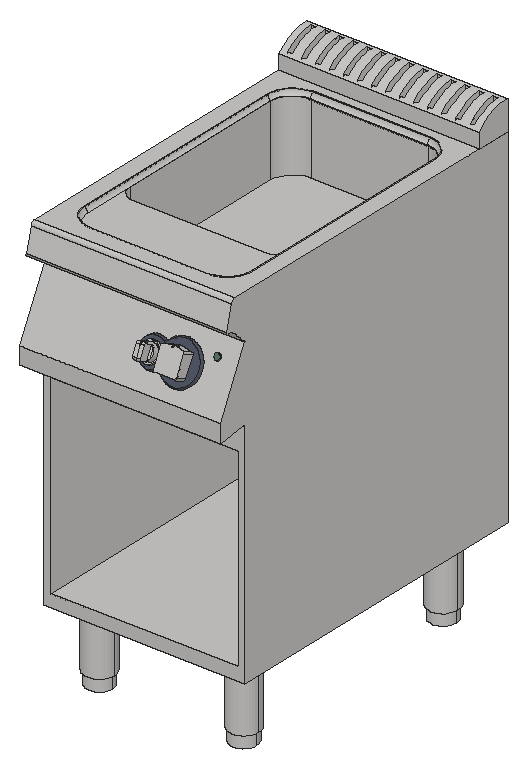
Revit family "QF_ZANUSSI_372105_Z7MFGDDD00", category Specialty Equipment, Revit 2018
Family settings
  Round Connector Dimension = Use Diameter
  Part Type = Normal
  Work Plane-Based = No
  Always vertical = Yes
  Cut with Voids When Loaded = No
  Shared = No
  Room Calculation Point = No
Parameters
  Width = 400 mm  # constant formula
  Weight in Pounds = 99  # constant formula
  Weight = 0.00 kg
  Watts = 0 W
  Waste Water Discharge Temperature [instance] = -459.67 °F
  Volts = 0 V
  URL Manufacturer = "http://www.zanussiprofessional.com"
  URL Cutsheet = "www.electrolux.com/foodservice"
  URL = "http://www.zanussiprofessional.com"
  Type Mark [instance] = ""
  Steam Supply Size = 0"
  Steam Supply Minimum Pressure = 0.00 psi
  Steam Supply Maximum Pressure = 0.00 psi
  Steam Pounds per Hour = 0
  Status [instance] = ""
  Specification by User [instance] = ""
  Specification by Manufacturer = ""
  Show Logo [instance] = yes
  Show Clearance [instance] = yes
  Serial Number = ""
  Seismic Rating = ""
  SMACNA No = ""
  Revision Code [instance] = ""
  Refrigeration Suction Line Size = 0"
  Refrigeration Liquid Line Size = 0"
  Refrigerant Compressor Remote = yes
  Plumbing Remarks [instance] = ""
  Plumbing Connection Type [instance] = ""
  Phase = 0
  Omniclass Number and Title = ""
  NAFEM Spec ID Number = ""
  Model = "Z7MFGDDD00"
  Mechanical Remarks [instance] = ""
  Mechanical Connection Type [instance] = ""
  Masterspec = ""
  Manufacturer = "Zanussi"
  Length Actual = 400 mm  # constant formula
  Item Number [instance] = "372105"
  Installed By [instance] = ""
  Indirect Waste Size = 0"
  Indirect Waste Flow [instance] = 0 GPM
  Indirect Waste Connection Type [instance] = ""
  Indirect Waste Connection Height = 0 mm
  Identify Quantity as Lot [instance] = yes
  Hot Water Size = 0"
  Height Actual = 850 mm  # constant formula
  Height = 333 mm  # constant formula
  HP = "0 HP"
  Gas Size = 1/2"  # constant formula
  Gas RI Height [instance] = 0 mm
  Gas KW [instance] = 7  # constant formula
  Gas Input [instance] = 23863.0 Btu/h  # constant formula
  Gas Connection Height = 0 mm
  Furnished By [instance] = ""
  Foodservice Equipment Identifier [instance] = yes
  Direct Waste Size = 0"
  Description = "11LT GAS MULTIFUNC.COOKER-COMPOUND 400MM"
  Depth Actual = 700 mm  # constant formula
  Depth = 715 mm  # constant formula
  Cycle = 0 Hz
  Condensate Return Size = 0"
  Compressed Air Volume = 0 GPM
  Compressed Air Size = 0"
  Compressed Air Pressure = 0.00 psi
  Cold Water Size = 0"
  CSI MasterFormat = ""
  CSI Master Format = ""
  Base Height [instance] = 150 mm  # constant formula
  Accessory = yes
Reference planes
  plane 1 "BACK": y = 0
  plane 2: z = 0
  plane 3 "LEFT": x = 0
  plane 4 "RIGHT": x = 400
  plane 5 "FRONT": y = -715
  plane 6 "TOP": z = 908
  plane 7 "Center Y": x = 200
  plane 8 "Center X": y = -357.5
  plane 9 "BASE": z = 600
  plane 10 "TOP A": z = 850
  plane 11: y = -587.387
  plane 12: y = -90
  plane 13: z = 150
  plane 14 "panel": through (-6096, -715, 640.508) normal (0, 0.8956, -0.4448)
Forms (mm)
  Extrusion 1, solid, material "QF_Finishes_Stainless Steel"
    sketch origin (0, 0, 0) x (0, 1, 0) y (0, 0, 1)
      loop
        line (0, 850) -> (-679.358, 850)
        arc (-679.358, 850) -> (-684.643, 847.811) -> (-686.833, 842.526) r 7.474
        line (-686.833, 842.526) -> (-699.884, 797.011)
        arc (-699.884, 797.011) -> (-699.396, 794.379) -> (-697, 793.184) r 3
        line (-697, 793.184) -> (-686.802, 793.184) -> (-654.982, 761.364) -> (-715, 640.508) -> (-715, 605.508) -> (-658.645, 613.428)
        arc (-658.645, 613.428) -> (-656.101, 612.674) -> (-655, 610.259) r 3.2
        line (-655, 610.259) -> (-655, 150) -> (0, 150) -> (0, 850)
    from 0 to 400
  Extrusion 2, void
    sketch origin (0, 0, 850) x (-1, 0, 0) y (0, -1, 0)
      loop
        arc (-83.338, 90.124) -> (-47.982, 104.769) -> (-33.338, 140.124) r 50
        line (-33.338, 140.124) -> (-33.338, 595.265)
        arc (-33.338, 595.265) -> (-47.982, 630.62) -> (-83.338, 645.265) r 50
        line (-83.338, 645.265) -> (-316.662, 645.265)
        arc (-316.662, 645.265) -> (-352.018, 630.62) -> (-366.662, 595.265) r 50
        line (-366.662, 595.265) -> (-366.662, 140.124)
        arc (-366.662, 140.124) -> (-352.018, 104.769) -> (-316.662, 90.124) r 50
        line (-316.662, 90.124) -> (-83.338, 90.124)
    from 0 to -152.4
  Extrusion 3, solid, material "QF_Finishes_Clearance", visible <- "Show Clearance", detail levels coarse
    sketch origin (0, 0, 0) x (1, 0, 0) y (0, 1, 0)
      loop
        line (0, -715) -> (0, 0) -> (400, 0) -> (400, -715) -> (550.019, -715) -> (550.019, 150.019) -> (-150.019, 150.019) -> (-150.019, -715) -> (0, -715)
    from 0 to 908
  Revolve 4, solid, material "QF_Finishes_Stainless Steel"
    sketch origin (0, -587.387, 608.09) x (0, 0, 1) y (-1, 0, 0)
      loop
        line (-608.09, -56) -> (-458.09, -56) -> (-458.09, -26) -> (-583.09, -26) -> (-583.09, -29.75) -> (-608.09, -29.75) -> (-608.09, -56)
      axis (-608.09, -56) -> (-458.09, -56)
    angle from 0 to 360
  Revolve 5, solid, material "QF_Finishes_Stainless Steel"
    sketch origin (400.05, -587.387, 608.09) x (0, 0, 1) y (-1, 0, 0)
      loop
        line (-608.09, 56.05) -> (-608.09, 29.8) -> (-583.09, 29.8) -> (-583.09, 26.05) -> (-458.09, 26.05) -> (-458.09, 56.05) -> (-608.09, 56.05)
      axis (-608.09, 56.05) -> (-458.09, 56.05)
    angle from 0 to 360
  Revolve 6, solid, material "QF_Finishes_Stainless Steel"
    sketch origin (0, -90, 608.09) x (0, 0, 1) y (-1, 0, 0)
      loop
        line (-608.09, -56) -> (-458.09, -56) -> (-458.09, -26) -> (-583.09, -26) -> (-583.09, -29.75) -> (-608.09, -29.75) -> (-608.09, -56)
      axis (-608.09, -56) -> (-458.09, -56)
    angle from 0 to 360
  Revolve 7, solid, material "QF_Finishes_Stainless Steel"
    sketch origin (400.05, -90, 608.09) x (0, 0, 1) y (-1, 0, 0)
      loop
        line (-608.09, 56.05) -> (-608.09, 29.8) -> (-583.09, 29.8) -> (-583.09, 26.05) -> (-458.09, 26.05) -> (-458.09, 56.05) -> (-608.09, 56.05)
      axis (-608.09, 56.05) -> (-458.09, 56.05)
    angle from 0 to 360
  Extrusion 8, solid, material "QF_Finishes_Stainless Steel"
    sketch origin (-77.88, -4572, 600) x (-1, 0, 0) y (0, -1, 0)
      loop
        circle (-211.88, -4016) r 12.7
    from 0 to -12.7
  Extrusion 9, solid, material "QF_Finishes_Stainless Steel"
    sketch origin (-77.88, -4572, 850) x (-1, 0, 0) y (0, -1, 0)
      loop
        line (-111.217, -4431.876) -> (-111.217, -3976.735)
        arc (-111.217, -3976.735) -> (-125.862, -3941.38) -> (-161.217, -3926.735) r 50
        line (-161.217, -3926.735) -> (-394.542, -3926.735)
        arc (-394.542, -3926.735) -> (-429.897, -3941.38) -> (-444.542, -3976.735) r 50
        line (-444.542, -3976.735) -> (-444.542, -4431.876)
        arc (-444.542, -4431.876) -> (-429.897, -4467.231) -> (-394.542, -4481.876) r 50
        line (-394.542, -4481.876) -> (-161.217, -4481.876)
        arc (-161.217, -4481.876) -> (-125.862, -4467.231) -> (-111.217, -4431.876) r 50
      loop
        arc (-439.487, -4431.876) -> (-426.323, -4463.657) -> (-394.542, -4476.821) r 44.945
        line (-394.542, -4476.821) -> (-161.217, -4476.821)
        arc (-161.217, -4476.821) -> (-129.436, -4463.657) -> (-116.272, -4431.876) r 44.945
        line (-116.272, -4431.876) -> (-116.272, -4081.735)
        arc (-116.272, -4081.735) -> (-125.059, -4060.522) -> (-146.272, -4051.735) r 30
        line (-146.272, -4051.735) -> (-409.487, -4051.735)
        arc (-409.487, -4051.735) -> (-430.7, -4060.522) -> (-439.487, -4081.735) r 30
        line (-439.487, -4081.735) -> (-439.487, -4431.876)
    from -12.7 to -152.4
  Sweep 10, solid, material "QF_Finishes_Stainless Steel"
    path origin (0, 0, 850) x (-1, 0, 0) y (0, -1, 0)
      loop
        line (-33.338, 140.124) -> (-33.338, 595.265)
        arc (-33.338, 595.265) -> (-47.982, 630.62) -> (-83.338, 645.265) r 50
        line (-83.338, 645.265) -> (-316.662, 645.265)
        arc (-316.662, 645.265) -> (-352.018, 630.62) -> (-366.662, 595.265) r 50
        line (-366.662, 595.265) -> (-366.662, 140.124)
        arc (-366.662, 140.124) -> (-352.018, 104.769) -> (-316.662, 90.124) r 50
        line (-316.662, 90.124) -> (-83.338, 90.124)
        arc (-83.338, 90.124) -> (-47.982, 104.769) -> (-33.338, 140.124) r 50
    profile origin (33.338, -367.694, 850) x (1, 0, 0) y (0, 0, 1)
      loop
        line (0, 0) -> (0, -10.84) -> (5.055, -10.84)
        arc (5.055, -10.84) -> (1.326, -5.98) -> (0, 0) r 14.151
  Extrusion 11, solid, material "QF_Finishes_Stainless Steel"
    sketch origin (0, 0, 0.762) x (0, 1, 0) y (0, 0, 1)
      loop
        line (0, 849.238) -> (0, 907.238)
        arc (0, 907.238) -> (-38.078, 899.879) -> (-69.85, 877.638) r 93.057
        line (-69.85, 877.638) -> (-69.85, 849.238) -> (0, 849.238)
    from 0 to 400.05
  Extrusion 12, void
    sketch origin (0, 0, 851) x (-1, 0, 0) y (0, -1, 0)
      loop
        line (-13.453, 6.761) -> (-13.453, 63.911) -> (-22.749, 63.911) -> (-22.749, 6.761) -> (-13.453, 6.761)
    from 25.4 to 63.5
  Extrusion 13, void
    sketch origin (400.05, 0, 851) x (1, 0, 0) y (0, 1, 0)
      loop
        line (-13.503, -6.761) -> (-22.799, -6.761) -> (-22.799, -63.911) -> (-13.503, -63.911) -> (-13.503, -6.761)
    from 25.4 to 63.5
  Extrusion 14, void
    sketch origin (27.988, 0, 851) x (-1, 0, 0) y (0, -1, 0)
      loop
        line (-13.453, 6.761) -> (-13.453, 63.911) -> (-22.749, 63.911) -> (-22.749, 6.761) -> (-13.453, 6.761)
    from 25.4 to 63.5
  Extrusion 15, void
    sketch origin (55.977, 0, 851) x (-1, 0, 0) y (0, -1, 0)
      loop
        line (-13.453, 6.761) -> (-13.453, 63.911) -> (-22.749, 63.911) -> (-22.749, 6.761) -> (-13.453, 6.761)
    from 25.4 to 63.5
  Extrusion 16, void
    sketch origin (83.965, 0, 851) x (-1, 0, 0) y (0, -1, 0)
      loop
        line (-13.428, 6.761) -> (-13.428, 63.911) -> (-22.724, 63.911) -> (-22.724, 6.761) -> (-13.428, 6.761)
    from 25.4 to 63.5
  Extrusion 17, void
    sketch origin (111.953, 0, 851) x (-1, 0, 0) y (0, -1, 0)
      loop
        line (-13.428, 6.761) -> (-13.428, 63.911) -> (-22.724, 63.911) -> (-22.724, 6.761) -> (-13.428, 6.761)
    from 25.4 to 63.5
  Extrusion 18, void
    sketch origin (139.942, 0, 851) x (-1, 0, 0) y (0, -1, 0)
      loop
        line (-13.428, 6.761) -> (-13.428, 63.911) -> (-22.724, 63.911) -> (-22.724, 6.761) -> (-13.428, 6.761)
    from 25.4 to 63.5
  Extrusion 19, void
    sketch origin (167.93, 0, 851) x (-1, 0, 0) y (0, -1, 0)
      loop
        line (-13.428, 6.761) -> (-13.428, 63.911) -> (-22.724, 63.911) -> (-22.724, 6.761) -> (-13.428, 6.761)
    from 25.4 to 63.5
  Extrusion 20, void
    sketch origin (195.918, 0, 851) x (-1, 0, 0) y (0, -1, 0)
      loop
        line (-13.428, 6.761) -> (-13.428, 63.911) -> (-22.724, 63.911) -> (-22.724, 6.761) -> (-13.428, 6.761)
    from 25.4 to 63.5
  Extrusion 21, void
    sketch origin (223.907, 0, 851) x (-1, 0, 0) y (0, -1, 0)
      loop
        line (-13.428, 6.761) -> (-13.428, 63.911) -> (-22.724, 63.911) -> (-22.724, 6.761) -> (-13.428, 6.761)
    from 25.4 to 63.5
  Extrusion 22, void
    sketch origin (251.895, 0, 851) x (-1, 0, 0) y (0, -1, 0)
      loop
        line (-13.428, 6.761) -> (-13.428, 63.911) -> (-22.724, 63.911) -> (-22.724, 6.761) -> (-13.428, 6.761)
    from 25.4 to 63.5
  Extrusion 23, void
    sketch origin (279.884, 0, 851) x (-1, 0, 0) y (0, -1, 0)
      loop
        line (-13.403, 6.761) -> (-13.403, 63.911) -> (-22.699, 63.911) -> (-22.699, 6.761) -> (-13.403, 6.761)
    from 25.4 to 63.5
  Extrusion 24, void
    sketch origin (307.872, 0, 851) x (-1, 0, 0) y (0, -1, 0)
      loop
        line (-13.403, 6.761) -> (-13.403, 63.911) -> (-22.699, 63.911) -> (-22.699, 6.761) -> (-13.403, 6.761)
    from 25.4 to 63.5
  Extrusion 25, void
    sketch origin (335.86, 0, 851) x (-1, 0, 0) y (0, -1, 0)
      loop
        line (-13.403, 6.761) -> (-13.403, 63.911) -> (-22.699, 63.911) -> (-22.699, 6.761) -> (-13.403, 6.761)
    from 25.4 to 63.5
  Extrusion 26, void
    sketch origin (0, -645.15, 150) x (0, 0, -1) y (-1, 0, 0)
      loop
        line (-25.4, -387.3) -> (-25.4, -12.7) -> (-411.9, -12.7) -> (-411.9, -387.3) -> (-25.4, -387.3)
    from -9.85 to 570.276
  Extrusion 27, solid, material "QF_Finishes_Stainless Steel"
    sketch origin (-77.88, -4572, 150) x (-1, 0, 0) y (0, -1, 0)
      loop
        circle (-426.88, -4067) r 6.35
    from 0 to -12.7
  Sweep 28, solid, material "QF_Finishes_Stainless Steel"
    path origin (0, -645.15, 150) x (0, 0, 1) y (-1, 0, 0)
      loop
        line (25.4, -349) -> (60, -349) -> (156.126, -376.564) -> (411.9, -376.564)
    profile origin (349, -645.15, 192.7) x (-1, 0, 0) y (0, -1, 0)
      loop
        circle (0, -155.4) r 8
  Blend 29, solid, material "QF_Finishes_Navy Blue"
    base sketch origin (296.514, -684.991, 700.936) x (1, 0, 0) y (0, 0.444781, 0.895639)
      loop
        arc (-35.05, -24.037) -> (42.5, 0) -> (-35.05, 24.037) r 42.5
        arc (-35.05, 24.037) -> (-83, 0) -> (-35.05, -24.037) r 30
    top sketch origin (296.514, -684.991, 700.936) x (1, 0, 0) y (0, 0.444781, 0.895639)
      loop
        arc (-34.578, -21.086) -> (40.5, 0) -> (-34.578, 21.086) r 40.5
        arc (-34.578, 21.086) -> (-81, 0) -> (-34.578, -21.086) r 28
    from 0 to 5
  Extrusion 30, solid, material "QF_Finishes_Stainless Steel"
    sketch origin (296.514, -684.991, 700.936) x (1, 0, 0) y (0, 0.444781, 0.895639)
      loop
        circle (-55.001, -0.341) r 20
    from 5 to 10
  Revolve 31, solid, material "QF_Finishes_Stainless Steel"
    sketch origin (241.513, -684.991, 700.936) x (0, -0.444781, -0.895639) y (0, -0.895639, 0.444781)
      loop
        line (0.341, 10) -> (16.341, 10) -> (16.341, 37)
        arc (16.341, 37) -> (15.462, 39.121) -> (13.341, 40) r 3
        line (13.341, 40) -> (0.341, 40) -> (0.341, 10)
      axis (0.341, 10) -> (0.341, 40)
    angle from 0 to 360
  Extrusion 32, void
    sketch origin (296.514, -684.991, 700.936) x (1, 0, 0) y (0, -0.895639, 0.444781)
      loop
        line (-62.999, 24.837) -> (-62.999, 40) -> (-71.893, 40) -> (-71.893, 22) -> (-65.835, 22)
        arc (-65.835, 22) -> (-63.827, 22.828) -> (-62.999, 24.837) r 2.827
      loop
        arc (-47.003, 24.837) -> (-46.175, 22.828) -> (-44.167, 22) r 2.827
        line (-44.167, 22) -> (-38.109, 22) -> (-38.109, 40) -> (-47.003, 40) -> (-47.003, 24.837)
    from -20.019 to 20.019
  Extrusion 33, solid, material "QF_Finishes_Stainless Steel"
    sketch origin (296.514, -684.991, 700.936) x (1, 0, 0) y (0, 0.444781, 0.895639)
      loop
        arc (-21.147, 22.789) -> (-22.494, 21.685) -> (-23, 20.019) r 2.997
        line (-23, 20.019) -> (-23, -20.019)
        arc (-23, -20.019) -> (-22.122, -22.138) -> (-20.003, -23.016) r 2.997
        line (-20.003, -23.016) -> (20.003, -23.016)
        arc (20.003, -23.016) -> (22.122, -22.138) -> (23, -20.019) r 2.997
        line (23, -20.019) -> (23, 20.019)
        arc (23, 20.019) -> (22.494, 21.685) -> (21.147, 22.789) r 2.997
        arc (21.147, 22.789) -> (0, 26.984) -> (-21.147, 22.789) r 55.4
    from 10 to 34
  Extrusion 34, solid, material "QF_Plastic-Black-Matte"
    sketch origin (296.514, -684.991, 700.936) x (0, 0.444781, 0.895639) y (0, -0.895639, 0.444781)
      loop
        line (26.984, 34) -> (26.984, 19) -> (27.984, 19) -> (27.984, 34)
        arc (27.984, 34) -> (27.691, 34.707) -> (26.984, 35) r 1
        line (26.984, 35) -> (23.984, 35) -> (23.984, 34) -> (26.984, 34)
    from -1 to 1
  Extrusion 35, solid, material "QF_Plastic-Black-Matte"
    sketch origin (241.513, -684.991, 700.936) x (0, -0.444781, -0.895639) y (0, -0.895639, 0.444781)
      loop
        line (-10.258, 39.984) -> (-10.258, 40.984) -> (-12.874, 40.984)
        arc (-12.874, 40.984) -> (-15.536, 39.882) -> (-16.638, 37.22) r 3.764
        line (-16.638, 37.22) -> (-16.638, 25.027) -> (-15.638, 25.027) -> (-15.638, 37.22)
        arc (-15.638, 37.22) -> (-14.829, 39.175) -> (-12.874, 39.984) r 2.764
        line (-12.874, 39.984) -> (-10.258, 39.984)
    from 1 to -1
  Extrusion 36, solid, material "QF_Finishes_Stainless Steel"
    sketch origin (27.122, -802.308, 464.699) x (0, 0.444781, 0.895639) y (-1, 0, 0)
      loop
        line (246.264, -286.892) -> (281.264, -286.892) -> (281.264, -251.892) -> (246.264, -251.892) -> (246.264, -286.892)
    from 5 to 10
  Extrusion 37, solid, material "QF_Finishes_DarkGreen"
    sketch origin (415, -671.648, 727.805) x (1, 0, 0) y (0, 0.444781, 0.895639)
      loop
        circle (-55.001, 0) r 6
    from 0 to 1.6
Cuts and joins
  Extrusion 2, Extrusion 26 cuts Extrusion 1
  Extrusion 12, Extrusion 13, Extrusion 14, Extrusion 15, Extrusion 16, Extrusion 17, Extrusion 18, Extrusion 19, Extrusion 20, Extrusion 21, Extrusion 22, Extrusion 23, Extrusion 24, Extrusion 25, Extrusion 26 cuts Extrusion 3
  Extrusion 12, Extrusion 13, Extrusion 14, Extrusion 15, Extrusion 16, Extrusion 17, Extrusion 18, Extrusion 19, Extrusion 20, Extrusion 21, Extrusion 22, Extrusion 23, Extrusion 24, Extrusion 25 cuts Extrusion 11
  Extrusion 32 cuts Revolve 31
Lines and regions (mm)
  Split face 1
    outline origin (296.514, -689.469, 703.16) x (1, 0, 0) y (0, 0.444781, 0.895639)
      loop
        circle (0, 33) r 1
  Split face 2
    outline origin (296.514, -689.469, 703.16) x (1, 0, 0) y (0, 0.444781, 0.895639)
      loop
        circle (-8.541, 31.876) r 1
  Split face 3
    outline origin (296.514, -689.469, 703.16) x (1, 0, 0) y (0, 0.444781, 0.895639)
      loop
        circle (-16.5, 28.579) r 1
  Split face 4
    outline origin (296.514, -689.469, 703.16) x (1, 0, 0) y (0, 0.444781, 0.895639)
      loop
        circle (-23.335, 23.335) r 1
  Split face 5
    outline origin (296.514, -689.469, 703.16) x (1, 0, 0) y (0, 0.444781, 0.895639)
      loop
        circle (-28.579, 16.5) r 1
  Split face 6
    outline origin (296.514, -689.469, 703.16) x (1, 0, 0) y (0, 0.444781, 0.895639)
      loop
        circle (-31.876, 8.541) r 1
  Split face 7
    outline origin (296.514, -689.469, 703.16) x (1, 0, 0) y (0, 0.444781, 0.895639)
      loop
        circle (-33, 0) r 1
  Split face 8
    outline origin (296.514, -689.469, 703.16) x (-1, 0, 0) y (0, 0.444781, 0.895639)
      loop
        circle (31.876, -8.541) r 1
  Split face 9
    outline origin (296.514, -689.469, 703.16) x (-1, 0, 0) y (0, 0.444781, 0.895639)
      loop
        circle (28.579, -16.5) r 1
  Split face 10
    outline origin (296.514, -689.469, 703.16) x (-1, 0, 0) y (0, 0.444781, 0.895639)
      loop
        circle (23.335, -23.335) r 1
  Split face 11
    outline origin (296.514, -689.469, 703.16) x (-1, 0, 0) y (0, 0.444781, 0.895639)
      loop
        circle (16.5, -28.579) r 1
  Split face 12
    outline origin (296.514, -689.469, 703.16) x (-1, 0, 0) y (0, 0.444781, 0.895639)
      loop
        circle (8.541, -31.876) r 1
  Split face 13
    outline origin (296.514, -689.469, 703.16) x (1, 0, 0) y (0, -0.444781, -0.895639)
      loop
        circle (33, 0) r 1
  Split face 14
    outline origin (296.514, -689.469, 703.16) x (1, 0, 0) y (0, -0.444781, -0.895639)
      loop
        circle (31.876, -8.541) r 1
  Split face 15
    outline origin (296.514, -689.469, 703.16) x (1, 0, 0) y (0, -0.444781, -0.895639)
      loop
        circle (28.579, -16.5) r 1
  Split face 16
    outline origin (296.514, -689.469, 703.16) x (1, 0, 0) y (0, -0.444781, -0.895639)
      loop
        circle (23.335, -23.335) r 1
  Split face 17
    outline origin (296.514, -689.469, 703.16) x (1, 0, 0) y (0, -0.444781, -0.895639)
      loop
        circle (16.5, -28.579) r 1
  Split face 18
    outline origin (296.514, -689.469, 703.16) x (1, 0, 0) y (0, -0.444781, -0.895639)
      loop
        circle (8.541, -31.876) r 1
  Split face 19
    outline origin (296.514, -689.469, 703.16) x (-1, 0, 0) y (0, -0.444781, -0.895639)
      loop
        circle (-8.541, 31.876) r 1
  Split face 20
    outline origin (296.514, -689.469, 703.16) x (-1, 0, 0) y (0, -0.444781, -0.895639)
      loop
        circle (-16.5, 28.579) r 1
  Split face 21
    outline origin (296.514, -689.469, 703.16) x (-1, 0, 0) y (0, -0.444781, -0.895639)
      loop
        circle (-23.335, 23.335) r 1
  Split face 22
    outline origin (296.514, -689.469, 703.16) x (-1, 0, 0) y (0, -0.444781, -0.895639)
      loop
        circle (-28.579, 16.5) r 1
  Split face 23
    outline origin (296.514, -689.469, 703.16) x (-1, 0, 0) y (0, -0.444781, -0.895639)
      loop
        circle (-31.876, 8.541) r 1
  Split face 24
    outline origin (296.514, -689.469, 703.16) x (1, 0, 0) y (0, 0.444781, 0.895639)
      loop
        circle (-55.001, 22) r 1.508
  Split face 25
    outline origin (296.514, -689.469, 703.16) x (1, 0, 0) y (0, 0.444781, 0.895639)
      loop
        circle (-77.001, 0) r 1.343
  Split face 26
    outline origin (296.514, -689.469, 703.16) x (1, 0, 0) y (0, 0.444781, 0.895639)
      loop
        line (-56.273, -20.786) -> (-56.273, -25.164) -> (-53.729, -25.164) -> (-53.729, -20.786) -> (-56.273, -20.786)
  Split face 27
    outline origin (296.514, -689.469, 703.16) x (1, 0, 0) y (0, 0.444781, 0.895639)
      loop
        circle (0, -33) r 1
  Split face 28
    outline origin (296.514, -689.469, 703.16) x (1, 0, 0) y (0, 0.444781, 0.895639)
      loop
        line (-65.223, 20.078) -> (-74.695, 13.445) -> (-72.918, 11.668) -> (-65.223, 20.078)
  symbolic lines, style "QF-Clearances", visible <- "Show Clearance", detail levels coarse
    curve 1: line (-150.019, 150.019, 850) -> (-150.019, -716.377, 850)
    curve 2: line (550.019, 150.019, 850) -> (-150.019, 150.019, 850)
    curve 3: line (550.019, -716.377, 850) -> (550.019, 150.019, 850)
  symbolic lines
    curve 4: line (0, 0, 850) -> (400, 0, 850)
    curve 5: line (0, -715, 850) -> (0, 0, 850)
    curve 6: line (400, 0, 850) -> (400, -715, 850)
    curve 7: line (0, -69.85, 850) -> (0, -63.012, 850)
    curve 8: arc (361.608, -490.265, 850) -> (352.821, -511.478, 850) -> (331.608, -520.265, 850) r 30
    curve 9: arc (68.392, -520.265, 850) -> (47.179, -511.478, 850) -> (38.392, -490.265, 850) r 30
    curve 10: arc (83.313, -95.179, 850) -> (51.549, -108.336, 850) -> (38.392, -140.099, 850) r 44.92
    curve 11: line (38.392, -140.099, 850) -> (38.392, -595.265, 850)
    curve 12: arc (38.392, -595.265, 850) -> (51.556, -627.046, 850) -> (83.338, -640.21, 850) r 44.945
    curve 13: arc (316.663, -640.21, 850) -> (348.444, -627.046, 850) -> (361.608, -595.265, 850) r 44.945
    curve 14: line (361.608, -595.265, 850) -> (361.608, -140.124, 850)
    curve 15: arc (361.608, -140.124, 850) -> (348.444, -108.343, 850) -> (316.663, -95.179, 850) r 44.945
    curve 16: arc (83.313, -90.124, 850) -> (47.975, -104.761, 850) -> (33.338, -140.099, 850) r 49.975
    curve 17: line (33.338, -140.099, 850) -> (33.338, -595.265, 850)
    curve 18: arc (33.338, -595.265, 850) -> (47.982, -630.62, 850) -> (83.338, -645.265, 850) r 50
    curve 19: arc (316.663, -645.265, 850) -> (352.018, -630.62, 850) -> (366.663, -595.265, 850) r 50
    curve 20: line (366.663, -595.265, 850) -> (366.663, -140.124, 850)
    curve 21: arc (366.663, -140.124, 850) -> (352.018, -104.769, 850) -> (316.663, -90.124, 850) r 50
    curve 22: line (316.663, -90.124, 850) -> (79.418, -90.124, 850)
    curve 23: line (83.338, -645.265, 850) -> (316.663, -645.265, 850)
    curve 24: line (83.338, -640.21, 850) -> (316.663, -640.21, 850)
    curve 25: line (331.608, -520.265, 850) -> (68.392, -520.265, 850)
    curve 26: line (316.663, -95.179, 850) -> (83.313, -95.179, 850)
    curve 27: line (0, -69.85, 850) -> (400, -69.85, 850)
    curve 28: line (22.724, -6.761, 850) -> (22.724, -63.911, 850)
    curve 29: line (22.724, -63.911, 850) -> (13.428, -63.911, 850)
    curve 30: line (13.428, -63.911, 850) -> (13.428, -6.761, 850)
    curve 31: line (13.428, -6.761, 850) -> (22.724, -6.761, 850)
    curve 32: line (386.547, -6.761, 850) -> (386.547, -63.911, 850)
    curve 33: line (386.547, -63.911, 850) -> (377.251, -63.911, 850)
    curve 34: line (377.251, -63.911, 850) -> (377.251, -6.761, 850)
    curve 35: line (377.251, -6.761, 850) -> (386.547, -6.761, 850)
    curve 36: line (50.712, -6.761, 850) -> (50.712, -63.911, 850)
    curve 37: line (50.712, -63.911, 850) -> (41.416, -63.911, 850)
    curve 38: line (41.416, -63.911, 850) -> (41.416, -6.761, 850)
    curve 39: line (41.416, -6.761, 850) -> (50.712, -6.761, 850)
    curve 40: line (78.7, -6.761, 850) -> (78.7, -63.911, 850)
    curve 41: line (78.7, -63.911, 850) -> (69.405, -63.911, 850)
    curve 42: line (69.405, -63.911, 850) -> (69.405, -6.761, 850)
    curve 43: line (69.405, -6.761, 850) -> (78.7, -6.761, 850)
    curve 44: line (106.689, -6.761, 850) -> (106.689, -63.911, 850)
    curve 45: line (106.689, -63.911, 850) -> (97.393, -63.911, 850)
    curve 46: line (97.393, -63.911, 850) -> (97.393, -6.761, 850)
    curve 47: line (97.393, -6.761, 850) -> (106.689, -6.761, 850)
    curve 48: line (134.677, -6.761, 850) -> (134.677, -63.911, 850)
    curve 49: line (134.677, -63.911, 850) -> (125.381, -63.911, 850)
    curve 50: line (125.381, -63.911, 850) -> (125.381, -6.761, 850)
    curve 51: line (125.381, -6.761, 850) -> (134.677, -6.761, 850)
    curve 52: line (162.665, -6.761, 850) -> (162.665, -63.911, 850)
    curve 53: line (162.665, -63.911, 850) -> (153.37, -63.911, 850)
    curve 54: line (153.37, -63.911, 850) -> (153.37, -6.761, 850)
    curve 55: line (153.37, -6.761, 850) -> (162.665, -6.761, 850)
    curve 56: line (190.654, -6.761, 850) -> (190.654, -63.911, 850)
    curve 57: line (190.654, -63.911, 850) -> (181.358, -63.911, 850)
    curve 58: line (181.358, -63.911, 850) -> (181.358, -6.761, 850)
    curve 59: line (181.358, -6.761, 850) -> (190.654, -6.761, 850)
    curve 60: line (218.642, -6.761, 850) -> (218.642, -63.911, 850)
    curve 61: line (218.642, -63.911, 850) -> (209.346, -63.911, 850)
    curve 62: line (209.346, -63.911, 850) -> (209.346, -6.761, 850)
    curve 63: line (209.346, -6.761, 850) -> (218.642, -6.761, 850)
    curve 64: line (246.605, -6.761, 850) -> (246.605, -63.911, 850)
    curve 65: line (246.605, -63.911, 850) -> (237.31, -63.911, 850)
    curve 66: line (237.31, -63.911, 850) -> (237.31, -6.761, 850)
    curve 67: line (237.31, -6.761, 850) -> (246.605, -6.761, 850)
    curve 68: line (274.594, -6.761, 850) -> (274.594, -63.911, 850)
    curve 69: line (274.594, -63.911, 850) -> (265.298, -63.911, 850)
    curve 70: line (265.298, -63.911, 850) -> (265.298, -6.761, 850)
    curve 71: line (265.298, -6.761, 850) -> (274.594, -6.761, 850)
    curve 72: line (302.582, -6.761, 850) -> (302.582, -63.911, 850)
    curve 73: line (302.582, -63.911, 850) -> (293.286, -63.911, 850)
    curve 74: line (293.286, -63.911, 850) -> (293.286, -6.761, 850)
    curve 75: line (293.286, -6.761, 850) -> (302.582, -6.761, 850)
    curve 76: line (330.57, -6.761, 850) -> (330.57, -63.911, 850)
    curve 77: line (330.57, -63.911, 850) -> (321.275, -63.911, 850)
    curve 78: line (321.275, -63.911, 850) -> (321.275, -6.761, 850)
    curve 79: line (321.275, -6.761, 850) -> (330.57, -6.761, 850)
    curve 80: line (358.559, -6.761, 850) -> (358.559, -63.911, 850)
    curve 81: line (358.559, -63.911, 850) -> (349.263, -63.911, 850)
    curve 82: line (349.263, -63.911, 850) -> (349.263, -6.761, 850)
    curve 83: line (349.263, -6.761, 850) -> (358.559, -6.761, 850)
    curve 84: line (273.514, -700, 0) -> (273.514, -724.347, 0)
    curve 85: arc (273.514, -724.347, 0) -> (273.661, -724.811, 0) -> (274.046, -725.107, 0) r 0.809
    curve 86: arc (274.046, -725.107, 0) -> (275.234, -725.587, 0) -> (276.512, -725.68, 0) r 4.127
    curve 87: arc (273.514, -704.292, 0) -> (268.473, -702.458, 0) -> (263.705, -700, 0) r 42.24
    curve 88: arc (273.514, -706.539, 0) -> (274.016, -705.818, 0) -> (274.814, -705.448, 0) r 1.682
    curve 89: arc (274.814, -705.448, 0) -> (285.116, -703.95, 0) -> (295.514, -703.441, 0) r 109.079
    curve 90: line (295.514, -700, 0) -> (295.514, -705.671, 0)
    curve 91: line (295.514, -705.671, 0) -> (297.514, -705.671, 0)
    curve 92: line (297.514, -705.671, 0) -> (297.514, -700, 0)
    curve 93: line (319.514, -700, 0) -> (319.514, -724.347, 0)
    curve 94: arc (319.514, -724.347, 0) -> (319.368, -724.811, 0) -> (318.982, -725.107, 0) r 0.809
    curve 95: arc (318.982, -725.107, 0) -> (317.795, -725.587, 0) -> (316.517, -725.68, 0) r 4.127
    curve 96: arc (319.514, -704.292, 0) -> (324.555, -702.458, 0) -> (329.324, -700, 0) r 42.24
    curve 97: arc (319.514, -706.539, 0) -> (319.012, -705.818, 0) -> (318.215, -705.448, 0) r 1.682
    curve 98: arc (318.215, -705.448, 0) -> (307.912, -703.95, 0) -> (297.514, -703.441, 0) r 109.079
    curve 99: line (276.512, -725.68, 0) -> (316.517, -725.68, 0)
    curve 100: line (233.516, -725.977, 908.9) -> (233.516, -701.224, 908.9)
    curve 101: line (249.511, -701.224, 908.9) -> (249.511, -725.977, 908.9)
    curve 102: spline (230.88, -710.164, 908.9) -> (229.391, -709.491, 908.9) -> (228.115, -708.737, 908.9) -> (227.075, -707.914, 908.9) -> (226.29, -707.037, 908.9) -> (225.772, -706.121, 908.9) -> (225.531, -705.183, 908.9) -> (225.572, -704.239, 908.9) -> (225.893, -703.306, 908.9) -> (226.488, -702.4, 908.9) -> (227.349, -701.537, 908.9) -> (228.458, -700.732, 908.9) -> (229.797, -700, 908.9)
    curve 103: spline (253.228, -700, 908.9) -> (254.572, -700.735, 908.9) -> (255.684, -701.543, 908.9) -> (256.546, -702.41, 908.9) -> (257.141, -703.319, 908.9) -> (257.46, -704.256, 908.9) -> (257.496, -705.204, 908.9) -> (257.249, -706.145, 908.9) -> (256.723, -707.063, 908.9) -> (255.928, -707.942, 908.9) -> (254.877, -708.766, 908.9) -> (253.59, -709.521, 908.9) -> (252.089, -710.193, 908.9)
    curve 104: spline (252.089, -710.193, 908.9) -> (251.808, -710.322, 908.9) -> (251.527, -710.487, 908.9) -> (251.249, -710.686, 908.9) -> (250.979, -710.917, 908.9) -> (250.72, -711.177, 908.9) -> (250.477, -711.461, 908.9) -> (250.252, -711.765, 908.9) -> (250.049, -712.085, 908.9) -> (249.872, -712.416, 908.9) -> (249.721, -712.754, 908.9) -> (249.6, -713.094, 908.9) -> (249.511, -713.43, 908.9)
    curve 105: spline (233.516, -713.341, 908.9) -> (233.443, -712.987, 908.9) -> (233.336, -712.634, 908.9) -> (233.195, -712.286, 908.9) -> (233.022, -711.949, 908.9) -> (232.82, -711.628, 908.9) -> (232.592, -711.327, 908.9) -> (232.341, -711.051, 908.9) -> (232.071, -710.803, 908.9) -> (231.785, -710.588, 908.9) -> (231.489, -710.408, 908.9) -> (231.185, -710.266, 908.9) -> (230.88, -710.164, 908.9)
    curve 106: line (225.513, -704.847, 908.9) -> (225.513, -700, 908.9)
    curve 107: line (257.516, -704.85, 908.9) -> (257.516, -700, 908.9)
    curve 108: arc (233.516, -725.977, 908.9) -> (241.513, -727.063, 908.9) -> (249.511, -725.977, 908.9) r 30
    curve 109: arc (233.516, -701.224, 0) -> (233.416, -700.567, 0) -> (233.07, -700, 0) r 1.677
    curve 110: arc (249.511, -701.224, 0) -> (249.61, -700.567, 0) -> (249.956, -700, 0) r 1.677
    curve 111: line (0, -699.992, 850) -> (400, -699.992, 850)
    curve 112: line (0, -714.992, 850) -> (233.516, -714.992, 850)
    curve 113: line (249.511, -714.992, 850) -> (273.514, -714.992, 850)
    curve 114: line (319.514, -714.992, 850) -> (400, -714.992, 850)
Dimensions and locks
  equal spacing: plane 3 "LEFT", plane 7 "Center Y", plane 4 "RIGHT"
  "Width": plane 3 "LEFT" to plane 4 "RIGHT"
  equal spacing: plane 5 "FRONT", plane 8 "Center X", plane 1 "BACK"
  "Depth": plane 5 "FRONT" to plane 1 "BACK"
  plane 1 "BACK" to plane 5 "FRONT" = 715 mm
  plane 10 "TOP A" to plane 9 "BASE" = 250 mm
  "Base Height": plane 13 to level
  locked: plane 10 "TOP A" to plane 13 at 700
  plane 3 "LEFT" to Extrusion 8 sketch curve = 134 mm
  Extrusion 8 sketch curve to plane 1 "BACK" = 556 mm
  Extrusion 27 sketch curve to plane 4 "RIGHT" = 51 mm
  Extrusion 27 sketch curve to plane 1 "BACK" = 505 mm
  aligned and locked: level to plane 2
  aligned and locked: plane 4 "RIGHT" to Extrusion 1
  aligned and locked: plane 6 "TOP" to Extrusion 3
Automatic sketch dimensions
  Extrusion 1 sketch curve to plane 5 "FRONT" = 0 mm
  Extrusion 1 sketch curve to plane 10 "TOP A" = 0 mm
  Extrusion 1 sketch curve to plane 13 = 0 mm
  plane 14 "panel" to Extrusion 1 sketch curve = 0 mm  (x2)
  Extrusion 1 sketch curve to plane 1 "BACK" = 0 mm
  Extrusion 1 sketch curve to plane 5 "FRONT" = 15.116 mm
  Extrusion 1 sketch curve to Extrusion 1 sketch curve = 2.884 mm
  Extrusion 1 sketch curve to plane 10 "TOP A" = 7.474 mm
  Extrusion 1 sketch curve to plane 5 "FRONT" = 28.167 mm
  Extrusion 1 sketch curve to Extrusion 1 sketch curve = 10.198 mm
  plane 9 "BASE" to Extrusion 1 sketch curve = 13.428 mm
  Extrusion 1 sketch curve to plane 5 "FRONT" = 56.355 mm
  Extrusion 1 sketch curve to Extrusion 1 sketch curve = 0.445 mm
  Extrusion 1 sketch curve to plane 5 "FRONT" = 60 mm
  Extrusion 1 sketch curve to Extrusion 1 sketch curve = 31.82 mm  (x2)
  plane 9 "BASE" to Extrusion 1 sketch curve = 5.508 mm
  Extrusion 1 sketch curve to Extrusion 1 sketch curve = 3 mm
  Revolve 4 sketch curve to level = 0 mm
  Revolve 4 sketch curve to plane 13 = 0 mm  (x2)
  level to Revolve 4 sketch curve = 25 mm
  plane 3 "LEFT" to Revolve 4 sketch curve = 56 mm
  plane 3 "LEFT" to Revolve 4 sketch curve = 29.75 mm
  plane 3 "LEFT" to Revolve 4 sketch curve = 26 mm
  Revolve 4 sketch curve to Revolve 4 sketch curve = 20 mm
  Revolve 4 sketch curve to Revolve 4 sketch curve = 0 mm
  Revolve 6 sketch curve to level = 0 mm
  Revolve 6 sketch curve to plane 13 = 0 mm  (x2)
  level to Revolve 6 sketch curve = 25 mm
  plane 3 "LEFT" to Revolve 6 sketch curve = 56 mm
  plane 3 "LEFT" to Revolve 6 sketch curve = 29.75 mm
  plane 3 "LEFT" to Revolve 6 sketch curve = 26 mm
  Revolve 6 sketch curve to Revolve 6 sketch curve = 20 mm
  Revolve 6 sketch curve to Revolve 6 sketch curve = 0 mm
  plane 7 "Center Y" to Blend 29 sketch curve = 43.514 mm  (x2)
  Blend 29 sketch curve to Blend 29 sketch curve = 53 mm  (x2)
  Blend 29 sketch curve to Blend 29 sketch curve = 0 mm  (x2)
  Blend 29 sketch curve to Blend 29 sketch curve = 17.95 mm
  Blend 29 sketch curve to Blend 29 sketch curve = 24.037 mm
  Blend 29 sketch curve to Blend 29 sketch curve = 18.422 mm
  Blend 29 sketch curve to Blend 29 sketch curve = 21.086 mm
  plane 7 "Center Y" to Extrusion 30 sketch curve = 41.513 mm
  Revolve 31 sketch curve to plane 14 "panel" = 10 mm
  Revolve 31 sketch curve to plane 5 "FRONT" = 20.901 mm
  Revolve 31 sketch curve to Revolve 31 sketch curve = 13 mm
  Revolve 31 sketch curve to Revolve 31 sketch curve = 16 mm
  Revolve 31 sketch curve to Revolve 31 sketch curve = 27 mm
  Revolve 31 sketch curve to Revolve 31 sketch curve = 0 mm  (x2)
  Revolve 31 sketch curve to Revolve 31 sketch curve = 25.449 mm
  plane 7 "Center Y" to Extrusion 32 sketch curve = 24.621 mm
  Extrusion 32 sketch curve to Extrusion 32 sketch curve = 6.058 mm
  Extrusion 32 sketch curve to Extrusion 32 sketch curve = 0.01 mm  (x2)
  Extrusion 32 sketch curve to Extrusion 32 sketch curve = 8.895 mm  (x2)
  Extrusion 32 sketch curve to Extrusion 32 sketch curve = 15.995 mm
  Extrusion 32 sketch curve to Extrusion 32 sketch curve = 2.827 mm  (x3)
  Extrusion 32 sketch curve to plane 14 "panel" = 22 mm  (x2)
  Extrusion 32 sketch curve to Extrusion 32 sketch curve = 15.163 mm
  Extrusion 32 sketch curve to Extrusion 32 sketch curve = 15.173 mm
  plane 7 "Center Y" to Extrusion 33 sketch curve = 73.514 mm
  Extrusion 33 sketch curve to Extrusion 33 sketch curve = 2.997 mm  (x3)
  Extrusion 33 sketch curve to Extrusion 33 sketch curve = 20.003 mm  (x2)
  Extrusion 33 sketch curve to Extrusion 33 sketch curve = 40.005 mm
  Extrusion 33 sketch curve to Extrusion 33 sketch curve = 5.399 mm
  Extrusion 33 sketch curve to Extrusion 33 sketch curve = 40.037 mm
  Extrusion 33 sketch curve to Extrusion 33 sketch curve = 0 mm  (x2)
  Split face 26 sketch curve to Split face 26 sketch curve = 2.545 mm
  Split face 26 sketch curve to Split face 26 sketch curve = 4.379 mm
  Extrusion 34 sketch curve to plane 14 "panel" = 35 mm
  Extrusion 34 sketch curve to plane 5 "FRONT" = 9.329 mm
  Extrusion 34 sketch curve to Extrusion 34 sketch curve = 3 mm
  Extrusion 34 sketch curve to Extrusion 34 sketch curve = 0 mm  (x2)
  Extrusion 34 sketch curve to Extrusion 34 sketch curve = 1 mm
  Extrusion 34 sketch curve to Extrusion 34 sketch curve = 15 mm
  Extrusion 35 sketch curve to Extrusion 35 sketch curve = 0 mm  (x2)
  Extrusion 35 sketch curve to plane 14 "panel" = 25.027 mm
  Extrusion 35 sketch curve to plane 5 "FRONT" = 14.994 mm
  Extrusion 35 sketch curve to Extrusion 35 sketch curve = 1 mm
  Extrusion 35 sketch curve to Extrusion 35 sketch curve = 2.764 mm
  Extrusion 35 sketch curve to Extrusion 35 sketch curve = 2.616 mm
  Extrusion 35 sketch curve to Extrusion 35 sketch curve = 12.193 mm
  plane 7 "Center Y" to Extrusion 36 sketch curve = 79.014 mm
  Extrusion 36 sketch curve to Extrusion 36 sketch curve = 35 mm  (x2)
  Split face 28 sketch curve to Split face 28 sketch curve = 1.777 mm  (x2)
  Split face 28 sketch curve to Split face 28 sketch curve = 7.696 mm
  Split face 28 sketch curve to Split face 28 sketch curve = 8.409 mm
  plane 7 "Center Y" to curve 108 = 41.513 mm
  curve 108 to plane 5 "FRONT" = 17.937 mm
  curve 103 to curve 108 = 0.001 mm
  curve 101 to curve 103 = 7.996 mm
  curve 104 to curve 104 = 2.259 mm
  curve 103 to curve 104 = 0.319 mm
  curve 103 to curve 101 = 3.717 mm
  curve 104 to curve 103 = 1.423 mm
  curve 107 to curve 103 = 4.288 mm
  curve 103 to curve 102 = 0.001 mm
  curve 105 to curve 105 = 0.865 mm
  curve 105 to curve 105 = 2.495 mm
  curve 105 to curve 102 = 0.141 mm
  curve 100 to curve 102 = 3.718 mm
  curve 102 to curve 103 = 4.284 mm
  curve 103 to curve 102 = 0 mm
  curve 108 to curve 103 = 2.937 mm
  curve 108 to curve 102 = 2.937 mm
  curve 103 to curve 107 = 0 mm
  curve 106 to curve 102 = 0 mm
  curve 103 to curve 101 = 1.224 mm
  curve 102 to curve 100 = 1.224 mm
  curve 106 to curve 106 = 4.847 mm
  curve 108 to curve 102 = 7.784 mm
  curve 106 to curve 103 = 0.003 mm
  curve 107 to curve 107 = 4.85 mm
  curve 103 to curve 104 = 0.047 mm
  curve 105 to curve 105 = 2.86 mm
  curve 105 to curve 100 = 10.261 mm
  plane 7 "Center Y" to curve 109 = 31.841 mm
  curve 109 to curve 110 = 19.344 mm
  curve 110 to curve 84 = 22.329 mm
  curve 84 to curve 85 = 0.809 mm
  curve 88 to curve 88 = 1.583 mm
  curve 85 to curve 86 = 1.846 mm
  curve 85 to curve 99 = 2.189 mm
  curve 84 to curve 87 = 11.892 mm
  curve 88 to curve 90 = 20.417 mm
  curve 89 to plane 4 "RIGHT" = 104.355 mm
  curve 89 to curve 98 = 1.738 mm
  curve 90 to curve 92 = 2 mm
  curve 87 to curve 96 = 22.215 mm
  curve 91 to curve 99 = 19.003 mm
  curve 99 to curve 95 = 0.343 mm
  curve 95 to curve 97 = 1.071 mm
  curve 99 to curve 94 = 2.189 mm
  curve 94 to curve 93 = 0.809 mm
  plane 5 "FRONT" to curve 89 = 97.519 mm
  curve 89 to curve 98 = 0 mm
  curve 89 to curve 99 = 86.839 mm
  curve 99 to curve 94 = 1.333 mm
  curve 86 to curve 85 = 1.333 mm
  curve 85 to curve 86 = 2.779 mm
  curve 94 to curve 95 = 2.779 mm
  curve 95 to curve 97 = 14.462 mm
  curve 86 to curve 88 = 14.462 mm
  curve 88 to curve 91 = 1.435 mm
  curve 88 to curve 110 = 5.966 mm
  curve 109 to curve 110 = 0 mm
  curve 90 to curve 87 = 41.91 mm
  curve 87 to curve 96 = 0 mm
  curve 109 to curve 109 = 1.229 mm
  curve 109 to curve 109 = 0.445 mm
  curve 110 to curve 110 = 1.675 mm
  curve 110 to curve 110 = 0.445 mm
  curve 87 to curve 84 = 9.809 mm
  curve 89 to curve 88 = 0.284 mm
  curve 97 to curve 98 = 0.284 mm
  curve 93 to curve 96 = 9.809 mm
  curve 97 to curve 97 = 0.567 mm
  curve 88 to curve 88 = 0.567 mm
  curve 89 to curve 87 = 1.156 mm
  curve 98 to curve 96 = 1.156 mm
  curve 109 to curve 109 = 0.083 mm
  curve 110 to curve 110 = 0.083 mm
  curve 96 to curve 93 = 4.292 mm
  curve 89 to curve 90 = 3.441 mm
  curve 87 to curve 84 = 4.292 mm
  curve 90 to curve 92 = 0 mm
  Extrusion 2 sketch curve to plane 4 "RIGHT" = 33.337 mm
  plane 11 to Extrusion 2 sketch curve = 57.877 mm
  Extrusion 2 sketch curve to Extrusion 2 sketch curve = 50 mm  (x2)
  plane 12 to Extrusion 2 sketch curve = 0.124 mm
  plane 3 "LEFT" to Extrusion 2 sketch curve = 83.338 mm  (x2)
  plane 12 to Extrusion 2 sketch curve = 50.124 mm
  plane 5 "FRONT" to Extrusion 3 sketch curve = 0 mm  (x2)
  plane 1 "BACK" to Extrusion 3 sketch curve = 0 mm
  Extrusion 3 sketch curve to plane 3 "LEFT" = 0 mm
  Extrusion 3 sketch curve to plane 4 "RIGHT" = 0 mm
  Extrusion 3 sketch curve to plane 3 "LEFT" = 150.019 mm
  plane 4 "RIGHT" to Extrusion 3 sketch curve = 150.019 mm
  Extrusion 3 sketch curve to plane 1 "BACK" = 150.019 mm
  Revolve 5 sketch curve to level = 0 mm
  Revolve 5 sketch curve to plane 13 = 0 mm  (x2)
  level to Revolve 5 sketch curve = 25 mm
  Revolve 5 sketch curve to plane 4 "RIGHT" = 26 mm
  Revolve 5 sketch curve to Revolve 5 sketch curve = 3.75 mm
  Revolve 5 sketch curve to Revolve 5 sketch curve = 30 mm
  Revolve 5 sketch curve to Revolve 5 sketch curve = 20 mm
  Revolve 5 sketch curve to Revolve 5 sketch curve = 0 mm
  Revolve 7 sketch curve to level = 0 mm
  Revolve 7 sketch curve to plane 13 = 0 mm  (x2)
  level to Revolve 7 sketch curve = 25 mm
  Revolve 7 sketch curve to plane 4 "RIGHT" = 26 mm
  Revolve 7 sketch curve to Revolve 7 sketch curve = 3.75 mm
  Revolve 7 sketch curve to Revolve 7 sketch curve = 30 mm
  plane 13 to Revolve 7 sketch curve = 20 mm
  Revolve 7 sketch curve to Revolve 7 sketch curve = 0 mm
  Extrusion 9 sketch curve to Extrusion 9 sketch curve = 0 mm  (x4)
  Extrusion 9 sketch curve to plane 4 "RIGHT" = 33.337 mm
  Extrusion 9 sketch curve to plane 4 "RIGHT" = 38.392 mm
  Extrusion 9 sketch curve to Extrusion 9 sketch curve = 30 mm
  Extrusion 9 sketch curve to Extrusion 9 sketch curve = 50 mm
  plane 12 to Extrusion 9 sketch curve = 0.124 mm
  Extrusion 9 sketch curve to Extrusion 9 sketch curve = 44.945 mm
  plane 3 "LEFT" to Extrusion 9 sketch curve = 83.338 mm  (x2)
  plane 3 "LEFT" to Extrusion 9 sketch curve = 68.392 mm
  plane 3 "LEFT" to Extrusion 9 sketch curve = 38.392 mm
  Extrusion 9 sketch curve to plane 11 = 97.123 mm
  plane 11 to Extrusion 9 sketch curve = 7.877 mm
  plane 11 to Sweep 10 sketch curve = 7.877 mm  (x2)
  Sweep 10 sketch curve to plane 4 "RIGHT" = 33.337 mm
  plane 11 to Sweep 10 sketch curve = 57.877 mm
  plane 12 to Sweep 10 sketch curve = 0.124 mm
  Sweep 10 sketch curve to Sweep 10 sketch curve = 50 mm  (x2)
  plane 3 "LEFT" to Sweep 10 sketch curve = 83.338 mm
  profile plane to Sweep 10 sketch curve = 0 mm
  Sweep 10 sketch curve to plane 10 "TOP A" = 0 mm
  Sweep 10 sketch curve to profile plane = 5.055 mm
  Sweep 10 sketch curve to profile plane = 14.151 mm
  Extrusion 11 sketch curve to plane 10 "TOP A" = 0 mm
  Extrusion 11 sketch curve to plane 1 "BACK" = 0 mm
  Extrusion 11 sketch curve to plane 6 "TOP" = 0 mm
  plane 1 "BACK" to Extrusion 11 sketch curve = 1.769 mm
  Extrusion 11 sketch curve to plane 12 = 20.15 mm
  Extrusion 11 sketch curve to plane 10 "TOP A" = 35.04 mm
  plane 1 "BACK" to Extrusion 12 sketch curve = 6.761 mm
  plane 3 "LEFT" to Extrusion 12 sketch curve = 22.749 mm
  Extrusion 12 sketch curve to Extrusion 12 sketch curve = 9.296 mm
  Extrusion 12 sketch curve to plane 12 = 26.089 mm
  Extrusion 13 sketch curve to plane 1 "BACK" = 6.761 mm
  plane 4 "RIGHT" to Extrusion 13 sketch curve = 22.749 mm
  Extrusion 13 sketch curve to Extrusion 13 sketch curve = 9.296 mm
  plane 12 to Extrusion 13 sketch curve = 26.089 mm
  plane 1 "BACK" to Extrusion 14 sketch curve = 6.761 mm
  plane 3 "LEFT" to Extrusion 14 sketch curve = 50.737 mm
  Extrusion 14 sketch curve to Extrusion 14 sketch curve = 9.296 mm
  Extrusion 14 sketch curve to plane 12 = 26.089 mm
  plane 1 "BACK" to Extrusion 15 sketch curve = 6.761 mm
  plane 3 "LEFT" to Extrusion 15 sketch curve = 78.725 mm
  Extrusion 15 sketch curve to Extrusion 15 sketch curve = 9.296 mm
  Extrusion 15 sketch curve to plane 12 = 26.089 mm
  plane 1 "BACK" to Extrusion 16 sketch curve = 6.761 mm
  Extrusion 16 sketch curve to plane 7 "Center Y" = 93.311 mm
  Extrusion 16 sketch curve to Extrusion 16 sketch curve = 9.296 mm
  Extrusion 16 sketch curve to plane 12 = 26.089 mm
  plane 1 "BACK" to Extrusion 17 sketch curve = 6.761 mm
  Extrusion 17 sketch curve to plane 7 "Center Y" = 65.323 mm
  Extrusion 17 sketch curve to Extrusion 17 sketch curve = 9.296 mm
  Extrusion 17 sketch curve to plane 12 = 26.089 mm
  plane 1 "BACK" to Extrusion 18 sketch curve = 6.761 mm
  Extrusion 18 sketch curve to plane 7 "Center Y" = 37.335 mm
  Extrusion 18 sketch curve to Extrusion 18 sketch curve = 9.296 mm
  Extrusion 18 sketch curve to plane 12 = 26.089 mm
  Extrusion 19 sketch curve to plane 7 "Center Y" = 9.346 mm
  Extrusion 19 sketch curve to Extrusion 19 sketch curve = 9.296 mm
  plane 1 "BACK" to Extrusion 19 sketch curve = 6.761 mm
  Extrusion 19 sketch curve to plane 12 = 26.089 mm
  plane 1 "BACK" to Extrusion 20 sketch curve = 6.761 mm
  plane 7 "Center Y" to Extrusion 20 sketch curve = 18.642 mm
  Extrusion 20 sketch curve to Extrusion 20 sketch curve = 9.296 mm
  Extrusion 20 sketch curve to plane 12 = 26.089 mm
  plane 1 "BACK" to Extrusion 21 sketch curve = 6.761 mm
  plane 7 "Center Y" to Extrusion 21 sketch curve = 46.63 mm
  Extrusion 21 sketch curve to Extrusion 21 sketch curve = 9.296 mm
  Extrusion 21 sketch curve to plane 12 = 26.089 mm
  plane 1 "BACK" to Extrusion 22 sketch curve = 6.761 mm
  plane 7 "Center Y" to Extrusion 22 sketch curve = 74.619 mm
  Extrusion 22 sketch curve to Extrusion 22 sketch curve = 9.296 mm
  Extrusion 22 sketch curve to plane 12 = 26.089 mm
  plane 1 "BACK" to Extrusion 23 sketch curve = 6.761 mm
  Extrusion 23 sketch curve to plane 4 "RIGHT" = 97.418 mm
  Extrusion 23 sketch curve to Extrusion 23 sketch curve = 9.296 mm
  Extrusion 23 sketch curve to plane 12 = 26.089 mm
  plane 1 "BACK" to Extrusion 24 sketch curve = 6.761 mm
  Extrusion 24 sketch curve to plane 4 "RIGHT" = 69.43 mm
  Extrusion 24 sketch curve to Extrusion 24 sketch curve = 9.296 mm
  Extrusion 24 sketch curve to plane 12 = 26.089 mm
  plane 1 "BACK" to Extrusion 25 sketch curve = 6.761 mm
  Extrusion 25 sketch curve to plane 4 "RIGHT" = 41.441 mm
  Extrusion 25 sketch curve to Extrusion 25 sketch curve = 9.296 mm
  Extrusion 25 sketch curve to plane 12 = 26.089 mm
  Extrusion 26 sketch curve to plane 4 "RIGHT" = 12.7 mm
  Extrusion 26 sketch curve to plane 9 "BASE" = 38.1 mm
  plane 13 to Extrusion 26 sketch curve = 25.4 mm
  plane 3 "LEFT" to Extrusion 26 sketch curve = 12.7 mm
  plane 13 to Sweep 28 sketch curve = 60 mm
  Sweep 28 sketch curve to plane 4 "RIGHT" = 23.436 mm
  Sweep 28 sketch curve to Sweep 28 sketch curve = 96.126 mm
  Sweep 28 sketch curve to plane 4 "RIGHT" = 51 mm
  plane 13 to Sweep 28 sketch curve = 25.4 mm
  Sweep 28 sketch curve to plane 9 "BASE" = 38.1 mm
  Sweep 28 sketch curve to Sweep 28 sketch curve = 0 mm  (x2)
  Sweep 28 sketch curve to profile plane = 0 mm
  Sweep 28 sketch curve to profile plane = 155.4 mm
  Sweep 28 sketch curve to Sweep 28 sketch curve = 8 mm
  Extrusion 37 sketch curve to plane 4 "RIGHT" = 40.001 mm
  curve 10 to curve 16 = 0 mm  (x2)
  curve 12 to curve 18 = 0 mm  (x2)
  curve 13 to curve 19 = 0 mm  (x2)
  curve 15 to curve 21 = 0 mm
  curve 6 to plane 4 "RIGHT" = 0 mm
  curve 27 to plane 3 "LEFT" = 0 mm
  curve 7 to plane 3 "LEFT" = 0 mm
  plane 1 "BACK" to curve 5 = 0 mm
  plane 5 "FRONT" to curve 5 = 0 mm
  plane 5 "FRONT" to curve 6 = 0 mm
  plane 4 "RIGHT" to curve 3 = 150.019 mm
  curve 33 to plane 4 "RIGHT" = 13.453 mm
  curve 32 to curve 35 = 9.296 mm
  curve 20 to plane 4 "RIGHT" = 33.337 mm
  curve 19 to curve 14 = 5.055 mm
  plane 1 "BACK" to curve 80 = 6.761 mm
  curve 34 to curve 80 = 18.693 mm
  curve 80 to curve 81 = 9.296 mm
  curve 8 to curve 25 = 30 mm
  plane 1 "BACK" to curve 76 = 6.761 mm
  curve 82 to curve 76 = 18.693 mm
  curve 76 to curve 79 = 9.296 mm
  plane 11 to curve 19 = 7.877 mm
  curve 13 to curve 19 = 44.945 mm
  plane 12 to curve 26 = 5.179 mm
  curve 77 to curve 26 = 4.612 mm
  curve 77 to curve 73 = 18.693 mm
  curve 72 to curve 74 = 9.296 mm
  curve 73 to curve 69 = 18.693 mm
  curve 68 to curve 71 = 9.296 mm
  curve 69 to curve 64 = 18.693 mm
  curve 64 to curve 65 = 9.296 mm
  plane 1 "BACK" to curve 63 = 6.761 mm
  plane 7 "Center Y" to curve 63 = 18.642 mm
  curve 60 to curve 62 = 9.296 mm
  curve 57 to plane 7 "Center Y" = 9.346 mm
  curve 56 to curve 59 = 9.296 mm
  curve 57 to curve 52 = 18.693 mm
  curve 52 to curve 54 = 9.296 mm
  curve 53 to curve 49 = 18.693 mm
  curve 48 to curve 51 = 9.296 mm
  plane 1 "BACK" to curve 44 = 6.761 mm
  curve 50 to curve 44 = 18.693 mm
  curve 44 to curve 46 = 9.296 mm
  plane 3 "LEFT" to curve 24 = 83.338 mm
  curve 45 to curve 10 = 14.08 mm
  curve 45 to curve 40 = 18.693 mm
  curve 40 to curve 42 = 9.296 mm
  plane 3 "LEFT" to curve 25 = 68.392 mm
  plane 1 "BACK" to curve 36 = 6.761 mm
  curve 42 to curve 36 = 18.693 mm
  curve 36 to curve 37 = 9.296 mm
  plane 3 "LEFT" to curve 11 = 38.392 mm
  curve 37 to curve 28 = 18.693 mm
  curve 28 to curve 31 = 9.296 mm
  curve 1 to plane 3 "LEFT" = 150.019 mm
  curve 2 to plane 1 "BACK" = 150.019 mm
  plane 1 "BACK" to curve 55 = 6.761 mm
  plane 1 "BACK" to curve 51 = 6.761 mm
  plane 1 "BACK" to curve 75 = 6.761 mm
  plane 1 "BACK" to curve 43 = 6.761 mm
  plane 1 "BACK" to curve 71 = 6.761 mm
  plane 1 "BACK" to curve 67 = 6.761 mm
  plane 1 "BACK" to curve 35 = 6.761 mm
  plane 1 "BACK" to curve 31 = 6.761 mm
  plane 1 "BACK" to curve 59 = 6.761 mm
  curve 28 to plane 12 = 26.089 mm
  curve 57 to plane 12 = 26.089 mm
  curve 60 to plane 12 = 26.089 mm
  curve 32 to plane 12 = 26.089 mm
  curve 64 to plane 12 = 26.089 mm
  curve 36 to plane 12 = 26.089 mm
  curve 68 to plane 12 = 26.089 mm
  curve 40 to plane 12 = 26.089 mm
  curve 72 to plane 12 = 26.089 mm
  curve 44 to plane 12 = 26.089 mm
  curve 76 to plane 12 = 26.089 mm
  curve 48 to plane 12 = 26.089 mm
  curve 80 to curve 33 = 0 mm
  curve 52 to curve 57 = 0 mm
  curve 8 to plane 11 = 97.123 mm
  curve 16 to curve 22 = 3.895 mm
  curve 7 to curve 29 = 0.898 mm
  curve 7 to curve 27 = 6.838 mm
  curve 7 to curve 27 = 0 mm
  plane 5 "FRONT" to curve 1 = 1.377 mm
  plane 5 "FRONT" to curve 3 = 1.377 mm
  curve 111 to plane 4 "RIGHT" = 0 mm
  curve 114 to plane 4 "RIGHT" = 0 mm
  curve 112 to plane 3 "LEFT" = 0 mm
  curve 111 to plane 3 "LEFT" = 0 mm
  curve 111 to plane 5 "FRONT" = 15.008 mm
  curve 114 to curve 114 = 80.486 mm
  curve 114 to curve 113 = 46 mm
  curve 113 to curve 113 = 24.003 mm
  curve 113 to curve 112 = 15.995 mm
  curve 111 to curve 112 = 15 mm
  curve 112 to curve 113 = 0 mm
  curve 113 to curve 114 = 0 mm
  radius of Extrusion 8 sketch curve = 12.7 mm
  radius of Extrusion 30 sketch curve = 20 mm
  radius of Split face 1 sketch curve = 1 mm
  radius of Split face 2 sketch curve = 1 mm
  radius of Split face 3 sketch curve = 1 mm
  radius of Split face 4 sketch curve = 1 mm
  radius of Split face 5 sketch curve = 1 mm
  radius of Split face 6 sketch curve = 1 mm
  radius of Split face 7 sketch curve = 1 mm
  radius of Split face 8 sketch curve = 1 mm
  radius of Split face 9 sketch curve = 1 mm
  radius of Split face 10 sketch curve = 1 mm
  radius of Split face 11 sketch curve = 1 mm
  radius of Split face 12 sketch curve = 1 mm
  radius of Split face 13 sketch curve = 1 mm
  radius of Split face 14 sketch curve = 1 mm
  radius of Split face 15 sketch curve = 1 mm
  radius of Split face 16 sketch curve = 1 mm
  radius of Split face 17 sketch curve = 1 mm
  radius of Split face 18 sketch curve = 1 mm
  radius of Split face 19 sketch curve = 1 mm
  radius of Split face 20 sketch curve = 1 mm
  radius of Split face 21 sketch curve = 1 mm
  radius of Split face 22 sketch curve = 1 mm
  radius of Split face 23 sketch curve = 1 mm
  radius of Split face 24 sketch curve = 1.508 mm
  radius of Split face 25 sketch curve = 1.343 mm
  radius of Split face 27 sketch curve = 1 mm
  radius of Extrusion 27 sketch curve = 6.35 mm
  radius of Extrusion 37 sketch curve = 6 mm
Connectors
  piping at (134, -556, 587.3), diameter 25.4
    settings: on Extrusion 8, index 2, connector inside diameter 1", connector length 0 mm, flow factor 0, pipe flow 0 GPM, pressure drop 0.00 psi, fitting loss kfactor 0, connector angle 0.00°, fixture units 0, engagement length 0 mm, angle of deflection 0.00°, flow configuration 1, flow direction 2, fitting loss method 0, system type 16, joint type 0, gender type 0, connector reference index -1, connector utility 0, adjustable connector no, is connector primary yes, connector description "Drain"
  piping at (349, -505, 137.3), diameter 12.8
    settings: on Extrusion 27, index 3, connector inside diameter 0.50394", connector length 0 mm, flow factor 0, pipe flow 0 GPM, pressure drop 0.00 psi, fitting loss kfactor 0, connector angle 0.00°, fixture units 0, engagement length 0 mm, angle of deflection 0.00°, flow configuration 1, flow direction 1, fitting loss method 0, system type 7, joint type 0, gender type 0, connector reference index -1, connector utility 0, adjustable connector no, is connector primary no, connector description "Gas Inlet"
